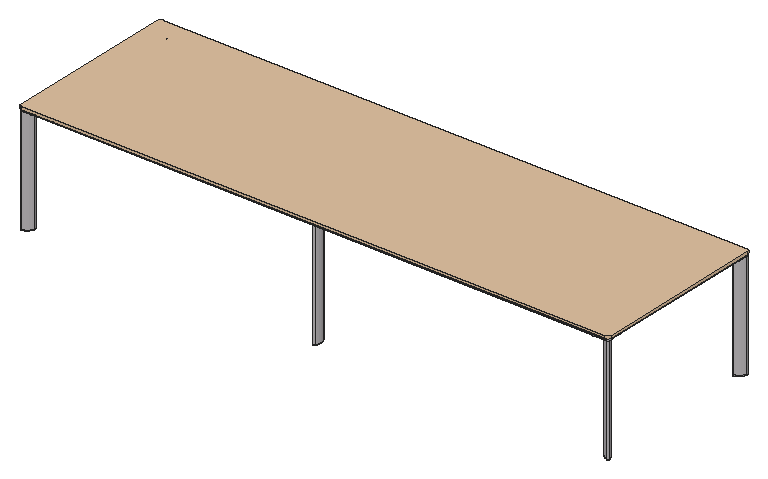
Revit family "FU_Table_Sandler_Laminar 1240", category Furniture, Revit 2020
Family settings
  OmniClass Number = 23.40.20.00
  OmniClass Title = General Furniture and Specialties
  Work Plane-Based = No
  Always vertical = Yes
  Cut with Voids When Loaded = No
  Shared = No
  Room Calculation Point = No
Parameters (values of type "Laminar 1240 (Dining Height)")
  Width = 4000 mm
  URL = "https://www.sandlerseating.com/product/laminar-1240/"
  Top [instance] = Wood - Oak - Natural - V
  Model = "Laminar 1240"
  Manufacturer = "Sandler"
  Height = 750 mm
  Frame [instance] = Epoxy - M2_G42
  Description = "400cm x 120cm / 158″ x 48″ table on epoxy painted frame."
  Depth = 1200 mm
  Default Elevation = 0 mm
Types (4, lengths in mm): name | Top | Height | Frame
  (no name) | Wood - Oak - Natural - V | 750 | Epoxy - M2_G42
  Laminar 1240 (Dining Height) | Wood - Oak - Natural - V | 750 | Epoxy - M2_G42
  Laminar 1240 (Counter Height) | Lacquer - W2 - G42 | 900 | Epoxy - M2 - Rust Grey
  Laminar 1240 (Bar Height) | HPL - Solid - White | 1050 | Epoxy - M1_Aluminum
Reference planes
  plane 1 "Center (Front/Back)": y = 0
  plane 2: z = 0
  plane 3 "Center (Left/Right)": x = 0
  plane 4 "Right": x = -2000
  plane 5 "Left": x = 2000
  plane 6 "Back": y = 600
  plane 7 "Front": y = -600
  plane 8 "Height": z = 750
  plane 9 "Top Frame Base": z = 737
  plane 10 "Frame Edge Right TOP": x = -1905
  plane 11 "Frame Edge Left TOP": x = 1905
  plane 12 "Frame Edge Front TOP": y = -505
  plane 13 "Frame Edge Back TOP": y = 505
  plane 14 "Right Leg C TOP": x = -1962.984
  plane 15 "Back Leg C TOP": y = 562.984
  plane 16 "Front Leg C TOP": y = -562.984
  plane 17 "Left C TOP": x = 1962.984
  plane 18 "Glide Height": z = 6
  plane 19 "Frame Base FRONT": z = 696.108
  plane 20 "Cross Support Front TOP": y = -542.984
  plane 21 "Cross Support Back TOP": y = 542.984
Forms (mm)
  Extrusion 1, solid, material "Wood - Oak - Natural - V" <- "Top"
    sketch origin (0, 0, 750) x (-1, 0, 0) y (0, -1, 0)
      loop
        arc (1975, -600) -> (1992.678, -592.678) -> (2000, -575) r 25
        line (2000, -575) -> (2000, 575)
        arc (2000, 575) -> (1992.678, 592.678) -> (1975, 600) r 25
        line (1975, 600) -> (-1975, 600)
        arc (-1975, 600) -> (-1992.678, 592.678) -> (-2000, 575) r 25
        line (-2000, 575) -> (-2000, -575)
        arc (-2000, -575) -> (-1992.678, -592.678) -> (-1975, -600) r 25
        line (-1975, -600) -> (1975, -600)
    from 0 to -13
  Sweep 2, solid, material "Epoxy - M2_G42" <- "Frame"
    path origin (0, 0, 737) x (-1, 0, 0) y (0, -1, 0)
      loop
        line (-1905, 600) -> (1905, 600)
    profile "Pro_Laminar_Frame : Pro_Laminar_Frame" origin (0, -600, 737) x (0, -1, 0) y (0, 0, 1)
      loop
        arc (-78.25, 0) -> (-78.959, -0.294) -> (-79.252, -1.003) r 1.003
        line (-79.252, -1.003) -> (-79.252, -40.038)
        arc (-79.252, -40.038) -> (-78.971, -40.718) -> (-78.29, -41) r 0.962
        line (-78.29, -41) -> (-56.47, -41)
        arc (-56.47, -41) -> (-49.536, -40.019) -> (-43.146, -37.154) r 25
        line (-43.146, -37.154) -> (-3.835, -12.393)
        arc (-3.835, -12.393) -> (-2.123, -10.579) -> (-1.5, -8.162) r 5
        line (-1.5, -8.162) -> (-1.5, -0.534)
        arc (-1.5, -0.534) -> (-1.656, -0.156) -> (-2.034, 0) r 0.534
        line (-2.034, 0) -> (-78.25, 0)
  Sweep 3, solid, material "Epoxy - M2_G42" <- "Frame"
    path origin (0, 0, 737) x (-1, 0, 0) y (0, -1, 0)
      loop
        line (2000, 505) -> (2000, -505)
    profile "Pro_Laminar_Frame : Pro_Laminar_Frame" origin (-2000, 0, 737) x (-1, 0, 0) y (0, 0, 1)
      loop
        arc (-78.25, 0) -> (-78.959, -0.294) -> (-79.252, -1.003) r 1.003
        line (-79.252, -1.003) -> (-79.252, -40.038)
        arc (-79.252, -40.038) -> (-78.971, -40.718) -> (-78.29, -41) r 0.962
        line (-78.29, -41) -> (-56.47, -41)
        arc (-56.47, -41) -> (-49.536, -40.019) -> (-43.146, -37.154) r 25
        line (-43.146, -37.154) -> (-3.835, -12.393)
        arc (-3.835, -12.393) -> (-2.123, -10.579) -> (-1.5, -8.162) r 5
        line (-1.5, -8.162) -> (-1.5, -0.534)
        arc (-1.5, -0.534) -> (-1.656, -0.156) -> (-2.034, 0) r 0.534
        line (-2.034, 0) -> (-78.25, 0)
  Sweep 4, solid, material "Epoxy - M2_G42" <- "Frame"
    path origin (0, 0, 737) x (-1, 0, 0) y (0, -1, 0)
      loop
        line (1905, -600) -> (-1905, -600)
    profile "Pro_Laminar_Frame : Pro_Laminar_Frame" origin (0, 600, 737) x (0, 1, 0) y (0, 0, 1)
      loop
        arc (-78.25, 0) -> (-78.959, -0.294) -> (-79.252, -1.003) r 1.003
        line (-79.252, -1.003) -> (-79.252, -40.038)
        arc (-79.252, -40.038) -> (-78.971, -40.718) -> (-78.29, -41) r 0.962
        line (-78.29, -41) -> (-56.47, -41)
        arc (-56.47, -41) -> (-49.536, -40.019) -> (-43.146, -37.154) r 25
        line (-43.146, -37.154) -> (-3.835, -12.393)
        arc (-3.835, -12.393) -> (-2.123, -10.579) -> (-1.5, -8.162) r 5
        line (-1.5, -8.162) -> (-1.5, -0.534)
        arc (-1.5, -0.534) -> (-1.656, -0.156) -> (-2.034, 0) r 0.534
        line (-2.034, 0) -> (-78.25, 0)
  Sweep 5, solid, material "Epoxy - M2_G42" <- "Frame"
    path origin (0, 0, 737) x (-1, 0, 0) y (0, -1, 0)
      loop
        line (-2000, 505) -> (-2000, -505)
    profile "Pro_Laminar_Frame : Pro_Laminar_Frame" origin (2000, 0, 737) x (-1, 0, 0) y (0, 0, 1)
      loop
        line (78.25, 0) -> (2.034, 0)
        arc (2.034, 0) -> (1.656, -0.156) -> (1.5, -0.534) r 0.534
        line (1.5, -0.534) -> (1.5, -8.162)
        arc (1.5, -8.162) -> (2.123, -10.579) -> (3.835, -12.393) r 5
        line (3.835, -12.393) -> (43.146, -37.154)
        arc (43.146, -37.154) -> (49.536, -40.019) -> (56.47, -41) r 25
        line (56.47, -41) -> (78.29, -41)
        arc (78.29, -41) -> (78.971, -40.718) -> (79.252, -40.038) r 0.962
        line (79.252, -40.038) -> (79.252, -1.003)
        arc (79.252, -1.003) -> (78.959, -0.294) -> (78.25, 0) r 1.003
  Sweep 6, solid, material "Epoxy - M2_G42" <- "Frame"
    path origin (0, 562.984, 0) x (1, 0, 0) y (0, 0, 1)
      loop
        line (-1962.984, 6) -> (-1962.984, 737)
    profile "Pro_Laminar_Leg : Pro_Laminar_Leg" origin (-1962.984, 562.984, 371.5) x (-1, 0, 0) y (0, -1, 0)
      loop
        arc (-16.792, 30.86) -> (-28.302, 28.302) -> (-30.86, 16.792) r 10.982
        arc (-30.86, 16.792) -> (-12.33, -12.33) -> (16.792, -30.86) r 79.547
        arc (16.792, -30.86) -> (28.302, -28.302) -> (30.86, -16.792) r 10.982
        arc (30.86, -16.792) -> (12.33, 12.33) -> (-16.792, 30.86) r 79.547
  Sweep 7, solid, material "Epoxy - M2_G42" <- "Frame"
    path origin (0, -562.984, 0) x (1, 0, 0) y (0, 0, 1)
      loop
        line (-1962.984, 6) -> (-1962.984, 737)
    profile "Pro_Laminar_Leg : Pro_Laminar_Leg" origin (-1962.984, -562.984, 371.5) x (-1, 0, 0) y (0, -1, 0)
      loop
        arc (-30.86, -16.792) -> (-28.302, -28.302) -> (-16.792, -30.86) r 10.982
        arc (-16.792, -30.86) -> (12.33, -12.33) -> (30.86, 16.792) r 79.547
        arc (30.86, 16.792) -> (28.302, 28.302) -> (16.792, 30.86) r 10.982
        arc (16.792, 30.86) -> (-12.33, 12.33) -> (-30.86, -16.792) r 79.547
  Sweep 8, solid, material "Epoxy - M2_G42" <- "Frame"
    path origin (0, -562.984, 0) x (1, 0, 0) y (0, 0, 1)
      loop
        line (1962.984, 6) -> (1962.984, 737)
    profile "Pro_Laminar_Leg : Pro_Laminar_Leg" origin (1962.984, -562.984, 371.5) x (-1, 0, 0) y (0, -1, 0)
      loop
        arc (-16.792, 30.86) -> (-28.302, 28.302) -> (-30.86, 16.792) r 10.982
        arc (-30.86, 16.792) -> (-12.33, -12.33) -> (16.792, -30.86) r 79.547
        arc (16.792, -30.86) -> (28.302, -28.302) -> (30.86, -16.792) r 10.982
        arc (30.86, -16.792) -> (12.33, 12.33) -> (-16.792, 30.86) r 79.547
  Sweep 9, solid, material "Epoxy - M2_G42" <- "Frame"
    path origin (0, 562.984, 0) x (1, 0, 0) y (0, 0, 1)
      loop
        line (1962.984, 6) -> (1962.984, 737)
    profile "Pro_Laminar_Leg : Pro_Laminar_Leg" origin (1962.984, 562.984, 371.5) x (-1, 0, 0) y (0, -1, 0)
      loop
        arc (-30.86, -16.792) -> (-28.302, -28.302) -> (-16.792, -30.86) r 10.982
        arc (-16.792, -30.86) -> (12.33, -12.33) -> (30.86, 16.792) r 79.547
        arc (30.86, 16.792) -> (28.302, 28.302) -> (16.792, 30.86) r 10.982
        arc (16.792, 30.86) -> (-12.33, 12.33) -> (-30.86, -16.792) r 79.547
  Sweep 10, solid, material "Rubber, Black"
    path origin (0, 562.984, 0) x (1, 0, 0) y (0, 0, 1)
      loop
        line (1962.984, 0) -> (1962.984, 6)
    profile "Pro_Laminar_Leg : Pro_Laminar_Leg" origin (1962.984, 562.984, 3) x (-1, 0, 0) y (0, -1, 0)
      loop
        arc (-30.86, -16.792) -> (-28.302, -28.302) -> (-16.792, -30.86) r 10.982
        arc (-16.792, -30.86) -> (12.33, -12.33) -> (30.86, 16.792) r 79.547
        arc (30.86, 16.792) -> (28.302, 28.302) -> (16.792, 30.86) r 10.982
        arc (16.792, 30.86) -> (-12.33, 12.33) -> (-30.86, -16.792) r 79.547
  Sweep 11, solid, material "Rubber, Black"
    path origin (0, 562.984, 0) x (1, 0, 0) y (0, 0, 1)
      loop
        line (-1962.984, 0) -> (-1962.984, 6)
    profile "Pro_Laminar_Leg : Pro_Laminar_Leg" origin (-1962.984, 562.984, 3) x (-1, 0, 0) y (0, -1, 0)
      loop
        arc (-16.792, 30.86) -> (-28.302, 28.302) -> (-30.86, 16.792) r 10.982
        arc (-30.86, 16.792) -> (-12.33, -12.33) -> (16.792, -30.86) r 79.547
        arc (16.792, -30.86) -> (28.302, -28.302) -> (30.86, -16.792) r 10.982
        arc (30.86, -16.792) -> (12.33, 12.33) -> (-16.792, 30.86) r 79.547
  Sweep 12, solid, material "Rubber, Black"
    path origin (0, -562.984, 0) x (1, 0, 0) y (0, 0, 1)
      loop
        line (-1962.984, 0) -> (-1962.984, 6)
    profile "Pro_Laminar_Leg : Pro_Laminar_Leg" origin (-1962.984, -562.984, 3) x (-1, 0, 0) y (0, -1, 0)
      loop
        arc (-30.86, -16.792) -> (-28.302, -28.302) -> (-16.792, -30.86) r 10.982
        arc (-16.792, -30.86) -> (12.33, -12.33) -> (30.86, 16.792) r 79.547
        arc (30.86, 16.792) -> (28.302, 28.302) -> (16.792, 30.86) r 10.982
        arc (16.792, 30.86) -> (-12.33, 12.33) -> (-30.86, -16.792) r 79.547
  Sweep 13, solid, material "Rubber, Black"
    path origin (0, -562.984, 0) x (1, 0, 0) y (0, 0, 1)
      loop
        line (1962.984, 0) -> (1962.984, 6)
    profile "Pro_Laminar_Leg : Pro_Laminar_Leg" origin (1962.984, -562.984, 3) x (-1, 0, 0) y (0, -1, 0)
      loop
        arc (-16.792, 30.86) -> (-28.302, 28.302) -> (-30.86, 16.792) r 10.982
        arc (-30.86, 16.792) -> (-12.33, -12.33) -> (16.792, -30.86) r 79.547
        arc (16.792, -30.86) -> (28.302, -28.302) -> (30.86, -16.792) r 10.982
        arc (30.86, -16.792) -> (12.33, 12.33) -> (-16.792, 30.86) r 79.547
  Sweep 14, solid, material "Epoxy - M2_G42" <- "Frame"
    path origin (0, 0, 737) x (-1, 0, 0) y (0, -1, 0)
      loop
        line (-1905, 598.5) -> (-1998.5, 598.5) -> (-1998.5, 505)
    profile "Pro_Laminar_Frame : Pro_Laminar_Frame" origin (1951.75, -598.5, 737) x (0, 1, 0) y (0, 0, 1)
      loop
        line (76.75, 0) -> (0.534, 0)
        arc (0.534, 0) -> (0.156, -0.156) -> (0, -0.534) r 0.534
        line (0, -0.534) -> (0, -8.162)
        arc (0, -8.162) -> (0.623, -10.579) -> (2.335, -12.393) r 5
        line (2.335, -12.393) -> (41.646, -37.154)
        arc (41.646, -37.154) -> (48.036, -40.019) -> (54.97, -41) r 25
        line (54.97, -41) -> (76.79, -41)
        arc (76.79, -41) -> (77.471, -40.718) -> (77.752, -40.038) r 0.962
        line (77.752, -40.038) -> (77.752, -1.003)
        arc (77.752, -1.003) -> (77.459, -0.294) -> (76.75, 0) r 1.003
  Extrusion 15, void
    sketch origin (0, 0, 737) x (-1, 0, 0) y (0, -1, 0)
      loop
        line (-1974.12, 599.12) -> (-1974.12, 614.12) -> (-2014.12, 614.12) -> (-2014.12, 574.12) -> (-1999.12, 574.12)
        arc (-1999.12, 574.12) -> (-1991.798, 591.798) -> (-1974.12, 599.12) r 25
    from -40.892 to 13
  Sweep 16, solid, material "Epoxy - M2_G42" <- "Frame"
    path origin (0, 0, 737) x (1, 0, 0) y (0, -1, 0)
      loop
        line (-1905, 598.5) -> (-1998.5, 598.5) -> (-1998.5, 505)
    profile "Pro_Laminar_Frame : Pro_Laminar_Frame" origin (-1951.75, -598.5, 737) x (0, -1, 0) y (0, 0, 1)
      loop
        arc (-76.75, 0) -> (-77.459, -0.294) -> (-77.752, -1.003) r 1.003
        line (-77.752, -1.003) -> (-77.752, -40.038)
        arc (-77.752, -40.038) -> (-77.471, -40.718) -> (-76.79, -41) r 0.962
        line (-76.79, -41) -> (-54.97, -41)
        arc (-54.97, -41) -> (-48.036, -40.019) -> (-41.646, -37.154) r 25
        line (-41.646, -37.154) -> (-2.335, -12.393)
        arc (-2.335, -12.393) -> (-0.623, -10.579) -> (0, -8.162) r 5
        line (0, -8.162) -> (0, -0.534)
        arc (0, -0.534) -> (-0.156, -0.156) -> (-0.534, 0) r 0.534
        line (-0.534, 0) -> (-76.75, 0)
  Sweep 17, solid, material "Epoxy - M2_G42" <- "Frame"
    path origin (0, 0, 737) x (1, 0, 0) y (0, 1, 0)
      loop
        line (-1905, 598.5) -> (-1998.5, 598.5) -> (-1998.5, 505)
    profile "Pro_Laminar_Frame : Pro_Laminar_Frame" origin (-1951.75, 598.5, 737) x (0, -1, 0) y (0, 0, 1)
      loop
        line (76.75, 0) -> (0.534, 0)
        arc (0.534, 0) -> (0.156, -0.156) -> (0, -0.534) r 0.534
        line (0, -0.534) -> (0, -8.162)
        arc (0, -8.162) -> (0.623, -10.579) -> (2.335, -12.393) r 5
        line (2.335, -12.393) -> (41.646, -37.154)
        arc (41.646, -37.154) -> (48.036, -40.019) -> (54.97, -41) r 25
        line (54.97, -41) -> (76.79, -41)
        arc (76.79, -41) -> (77.471, -40.718) -> (77.752, -40.038) r 0.962
        line (77.752, -40.038) -> (77.752, -1.003)
        arc (77.752, -1.003) -> (77.459, -0.294) -> (76.75, 0) r 1.003
  Sweep 18, solid, material "Epoxy - M2_G42" <- "Frame"
    path origin (0, 0, 737) x (-1, 0, 0) y (0, 1, 0)
      loop
        line (-1905, 598.5) -> (-1998.5, 598.5) -> (-1998.5, 505)
    profile "Pro_Laminar_Frame : Pro_Laminar_Frame" origin (1951.75, 598.5, 737) x (0, 1, 0) y (0, 0, 1)
      loop
        arc (-76.75, 0) -> (-77.459, -0.294) -> (-77.752, -1.003) r 1.003
        line (-77.752, -1.003) -> (-77.752, -40.038)
        arc (-77.752, -40.038) -> (-77.471, -40.718) -> (-76.79, -41) r 0.962
        line (-76.79, -41) -> (-54.97, -41)
        arc (-54.97, -41) -> (-48.036, -40.019) -> (-41.646, -37.154) r 25
        line (-41.646, -37.154) -> (-2.335, -12.393)
        arc (-2.335, -12.393) -> (-0.623, -10.579) -> (0, -8.162) r 5
        line (0, -8.162) -> (0, -0.534)
        arc (0, -0.534) -> (-0.156, -0.156) -> (-0.534, 0) r 0.534
        line (-0.534, 0) -> (-76.75, 0)
  Extrusion 19, void
    sketch origin (0, 0, 737) x (1, 0, 0) y (0, 1, 0)
      loop
        arc (-1974.12, -599.12) -> (-1991.798, -591.798) -> (-1999.12, -574.12) r 25
        line (-1999.12, -574.12) -> (-2014.12, -574.12) -> (-2014.12, -614.12) -> (-1974.12, -614.12) -> (-1974.12, -599.12)
    from -40.892 to 13
  Extrusion 20, void
    sketch origin (0, 0, 737) x (1, 0, 0) y (0, 1, 0)
      loop
        line (-1974.12, 599.12) -> (-1974.12, 614.12) -> (-2014.12, 614.12) -> (-2014.12, 574.12) -> (-1999.12, 574.12)
        arc (-1999.12, 574.12) -> (-1991.798, 591.798) -> (-1974.12, 599.12) r 25
    from -40.892 to 13
  Extrusion 21, void
    sketch origin (0, 0, 737) x (-1, 0, 0) y (0, -1, 0)
      loop
        arc (-1974.12, -599.12) -> (-1991.798, -591.798) -> (-1999.12, -574.12) r 25
        line (-1999.12, -574.12) -> (-2014.12, -574.12) -> (-2014.12, -614.12) -> (-1974.12, -614.12) -> (-1974.12, -599.12)
    from -40.892 to 13
  Sweep 22, solid, material "Epoxy - M2_G42" <- "Frame"
    path origin (0, -562.984, 0) x (1, 0, 0) y (0, 0, 1)
      loop
        line (0, 6) -> (0, 737)
    profile "Pro_Laminar_Leg : Pro_Laminar_Leg" origin (0, -562.984, 371.5) x (-1, 0, 0) y (0, -1, 0)
      loop
        arc (-9.948, -38.695) -> (0, -45.025) -> (9.948, -38.695) r 10.982
        arc (9.948, -38.695) -> (17.437, -5) -> (9.948, 28.695) r 79.547
        arc (9.948, 28.695) -> (0, 35.025) -> (-9.948, 28.695) r 10.982
        arc (-9.948, 28.695) -> (-17.437, -5) -> (-9.948, -38.695) r 79.547
  Sweep 23, solid, material "Rubber, Black"
    path origin (0, -562.984, 0) x (1, 0, 0) y (0, 0, 1)
      loop
        line (0, 0) -> (0, 6)
    profile "Pro_Laminar_Leg : Pro_Laminar_Leg" origin (0, -562.984, 3) x (-1, 0, 0) y (0, -1, 0)
      loop
        arc (-9.948, -38.695) -> (0, -45.025) -> (9.948, -38.695) r 10.982
        arc (9.948, -38.695) -> (17.437, -5) -> (9.948, 28.695) r 79.547
        arc (9.948, 28.695) -> (0, 35.025) -> (-9.948, 28.695) r 10.982
        arc (-9.948, 28.695) -> (-17.437, -5) -> (-9.948, -38.695) r 79.547
  Sweep 24, solid, material "Rubber, Black"
    path origin (0, 562.984, 0) x (1, 0, 0) y (0, 0, 1)
      loop
        line (0, 0) -> (0, 6)
    profile "Pro_Laminar_Leg : Pro_Laminar_Leg" origin (0, 562.984, 3) x (-1, 0, 0) y (0, -1, 0)
      loop
        arc (-9.948, -28.695) -> (0, -35.025) -> (9.948, -28.695) r 10.982
        arc (9.948, -28.695) -> (17.437, 5) -> (9.948, 38.695) r 79.547
        arc (9.948, 38.695) -> (0, 45.025) -> (-9.948, 38.695) r 10.982
        arc (-9.948, 38.695) -> (-17.437, 5) -> (-9.948, -28.695) r 79.547
  Sweep 25, solid, material "Epoxy - M2_G42" <- "Frame"
    path origin (0, 562.984, 0) x (1, 0, 0) y (0, 0, 1)
      loop
        line (0, 6) -> (0, 737)
    profile "Pro_Laminar_Leg : Pro_Laminar_Leg" origin (0, 562.984, 371.5) x (-1, 0, 0) y (0, -1, 0)
      loop
        arc (-9.948, -28.695) -> (0, -35.025) -> (9.948, -28.695) r 10.982
        arc (9.948, -28.695) -> (17.437, 5) -> (9.948, 38.695) r 79.547
        arc (9.948, 38.695) -> (0, 45.025) -> (-9.948, 38.695) r 10.982
        arc (-9.948, 38.695) -> (-17.437, 5) -> (-9.948, -28.695) r 79.547
  Extrusion 26, solid, material "Epoxy - M2_G42" <- "Frame"
    sketch origin (0, 0, 0) x (1, 0, 0) y (0, 0, 1)
      loop
        line (-29.788, 736) -> (-29.788, 722.1) -> (-28.788, 722.1) -> (-28.788, 721.1) -> (-25.288, 721.1) -> (-25.288, 724.1) -> (-28.288, 724.1) -> (-28.288, 726.5) -> (-24.69, 726.5) -> (-17.288, 722.226) -> (-17.288, 709.773) -> (-24.69, 705.5) -> (-28.288, 705.5) -> (-28.288, 707.9) -> (-25.288, 707.9) -> (-25.288, 710.9) -> (-28.788, 710.9) -> (-28.788, 709.9) -> (-29.788, 709.9) -> (-29.788, 697.144)
        arc (-29.788, 697.144) -> (-29.485, 696.412) -> (-28.753, 696.108) r 1.035
        line (-28.753, 696.108) -> (28.753, 696.108)
        arc (28.753, 696.108) -> (29.485, 696.412) -> (29.788, 697.144) r 1.035
        line (29.788, 697.144) -> (29.788, 709.9) -> (28.788, 709.9) -> (28.788, 710.9) -> (25.288, 710.9) -> (25.288, 707.9) -> (28.288, 707.9) -> (28.288, 705.5) -> (24.69, 705.5) -> (17.288, 709.773) -> (17.288, 722.226) -> (24.69, 726.5) -> (28.288, 726.5) -> (28.288, 724.1) -> (25.288, 724.1) -> (25.288, 721.1) -> (28.788, 721.1) -> (28.788, 722.1) -> (29.788, 722.1) -> (29.788, 736)
        arc (29.788, 736) -> (29.495, 736.707) -> (28.788, 737) r 1
        line (28.788, 737) -> (-28.788, 737)
        arc (-28.788, 737) -> (-29.495, 736.707) -> (-29.788, 736) r 1
    from -542.984 to 542.984
Cuts and joins
  Extrusion 20 cuts Sweep 17
  Extrusion 21 cuts Sweep 18
  Extrusion 15 cuts Sweep 14
  Extrusion 19 cuts Sweep 16
Dimensions and locks
  equal spacing: plane 4 "Right", plane 3 "Center (Left/Right)", plane 5 "Left"
  "Width": plane 4 "Right" to plane 5 "Left"
  equal spacing: plane 6 "Back", plane 1 "Center (Front/Back)", plane 7 "Front"
  "Depth": plane 6 "Back" to plane 7 "Front"
  "Height": plane 8 "Height" to level
  locked: plane 8 "Height" to plane 9 "Top Frame Base" at 13
  plane 4 "Right" to plane 14 "Right Leg C TOP" to plane 10 "Frame Edge Right TOP" = 37.016 mm locked, 57.984 mm locked
  plane 12 "Frame Edge Front TOP" to plane 16 "Front Leg C TOP" to plane 7 "Front" = 57.984 mm locked, 37.016 mm locked
  plane 6 "Back" to plane 15 "Back Leg C TOP" to plane 13 "Frame Edge Back TOP" = 37.016 mm locked, 57.984 mm locked
  plane 11 "Frame Edge Left TOP" to plane 17 "Left C TOP" to plane 5 "Left" = 57.984 mm locked, 37.016 mm locked
  locked: plane 18 "Glide Height" to plane 2 at 6
  locked: plane 16 "Front Leg C TOP" to plane 20 "Cross Support Front TOP" at 20
  locked: plane 21 "Cross Support Back TOP" to plane 15 "Back Leg C TOP" at 20
  locked: plane 9 "Top Frame Base" to plane 19 "Frame Base FRONT" at 40.892
  aligned and locked: level to plane 2
  aligned and locked: plane 10 "Frame Edge Right TOP" to Sweep 2 sketch curve
  aligned and locked: plane 11 "Frame Edge Left TOP" to Sweep 2 sketch curve
  aligned and locked: plane 13 "Frame Edge Back TOP" to Sweep 3 sketch curve
  aligned and locked: plane 4 "Right" to Sweep 3 sketch curve
  aligned and locked: plane 10 "Frame Edge Right TOP" to Sweep 4 sketch curve
  aligned and locked: plane 11 "Frame Edge Left TOP" to Sweep 4 sketch curve
  aligned and locked: Sweep 5 sketch curve to plane 13 "Frame Edge Back TOP"
  aligned and locked: plane 12 "Frame Edge Front TOP" to Sweep 5 sketch curve
  aligned and locked: Extrusion 1 sketch curve to plane 4 "Right"
  aligned and locked: Extrusion 1 sketch curve to plane 6 "Back"
  aligned and locked: Extrusion 1 sketch curve to plane 7 "Front"
  aligned and locked: plane 5 "Left" to Extrusion 1 sketch curve
  aligned and locked: plane 9 "Top Frame Base" to Sweep 6 sketch curve
  aligned and locked: Sweep 6 sketch curve to plane 18 "Glide Height"
  aligned and locked: plane 9 "Top Frame Base" to Sweep 7 sketch curve
  aligned and locked: Sweep 7 sketch curve to plane 18 "Glide Height"
  aligned and locked: Sweep 8 sketch curve to plane 9 "Top Frame Base"
  aligned and locked: plane 18 "Glide Height" to Sweep 8 sketch curve
  aligned and locked: Sweep 9 sketch curve to plane 9 "Top Frame Base"
  aligned and locked: plane 18 "Glide Height" to Sweep 9 sketch curve
  aligned and locked: plane 18 "Glide Height" to Sweep 10 sketch curve
  aligned and locked: Sweep 10 sketch curve to plane 2
  aligned and locked: Sweep 11 sketch curve to plane 18 "Glide Height"
  aligned and locked: plane 2 to Sweep 11 sketch curve
  aligned and locked: plane 2 to Sweep 12 sketch curve
  aligned and locked: Sweep 12 sketch curve to plane 18 "Glide Height"
  aligned and locked: Sweep 13 sketch curve to plane 2
  aligned and locked: plane 18 "Glide Height" to Sweep 13 sketch curve
  aligned and locked: Extrusion 15 to plane 19 "Frame Base FRONT"
  aligned and locked: plane 8 "Height" to Extrusion 15
  aligned and locked: Sweep 18 to plane 11 "Frame Edge Left TOP"
  aligned and locked: plane 13 "Frame Edge Back TOP" to Sweep 18
  aligned and locked: Sweep 14 to plane 12 "Frame Edge Front TOP"
  aligned and locked: Sweep 14 to plane 11 "Frame Edge Left TOP"
  aligned and locked: Sweep 16 to plane 10 "Frame Edge Right TOP"
  aligned and locked: plane 12 "Frame Edge Front TOP" to Sweep 16
  aligned and locked: Sweep 17 to plane 13 "Frame Edge Back TOP"
  aligned and locked: Sweep 17 to plane 10 "Frame Edge Right TOP"
  aligned and locked: plane 9 "Top Frame Base" to Sweep 22 sketch curve
  aligned and locked: plane 18 "Glide Height" to Sweep 22 sketch curve
  aligned and locked: plane 18 "Glide Height" to Sweep 23 sketch curve
  aligned and locked: plane 2 to Sweep 23 sketch curve
  aligned and locked: plane 2 to Sweep 24 sketch curve
  aligned and locked: plane 18 "Glide Height" to Sweep 24 sketch curve
  aligned and locked: plane 9 "Top Frame Base" to Sweep 25 sketch curve
  aligned and locked: plane 18 "Glide Height" to Sweep 25 sketch curve
  aligned and locked: Extrusion 26 to plane 20 "Cross Support Front TOP"
  aligned and locked: Extrusion 26 to plane 21 "Cross Support Back TOP"
  aligned and locked: plane 9 "Top Frame Base" to Extrusion 26
  aligned and locked: Extrusion 26 to plane 19 "Frame Base FRONT"
Automatic sketch dimensions
  Extrusion 1 sketch curve to plane 15 "Back Leg C TOP" = 12.016 mm
  Extrusion 1 sketch curve to plane 17 "Left C TOP" = 12.016 mm
  plane 14 "Right Leg C TOP" to Extrusion 1 sketch curve = 12.016 mm  (x2)
  Sweep 2 sketch curve to plane 7 "Front" = 0 mm
  plane 12 "Frame Edge Front TOP" to Sweep 3 sketch curve = 0 mm
  Sweep 4 sketch curve to plane 6 "Back" = 0 mm
  Sweep 5 sketch curve to plane 5 "Left" = 0 mm
  plane 14 "Right Leg C TOP" to Sweep 6 sketch curve = 0 mm
  plane 14 "Right Leg C TOP" to Sweep 7 sketch curve = 0 mm
  plane 17 "Left C TOP" to Sweep 8 sketch curve = 0 mm
  plane 17 "Left C TOP" to Sweep 9 sketch curve = 0 mm
  plane 17 "Left C TOP" to Sweep 10 sketch curve = 0 mm
  plane 14 "Right Leg C TOP" to Sweep 11 sketch curve = 0 mm
  plane 14 "Right Leg C TOP" to Sweep 12 sketch curve = 0 mm
  plane 17 "Left C TOP" to Sweep 13 sketch curve = 0 mm
  plane 12 "Frame Edge Front TOP" to Sweep 14 sketch curve = 0 mm
  Sweep 14 sketch curve to plane 11 "Frame Edge Left TOP" = 0 mm
  plane 5 "Left" to Sweep 14 sketch curve = 1.5 mm
  plane 7 "Front" to Sweep 14 sketch curve = 1.5 mm
  Extrusion 15 sketch curve to plane 5 "Left" = 14.12 mm
  plane 5 "Left" to Extrusion 15 sketch curve = 0.88 mm
  plane 7 "Front" to Extrusion 15 sketch curve = 0.88 mm
  Extrusion 15 sketch curve to plane 17 "Left C TOP" = 11.136 mm
  Extrusion 15 sketch curve to plane 7 "Front" = 14.12 mm
  plane 12 "Frame Edge Front TOP" to Sweep 16 sketch curve = 0 mm
  Sweep 16 sketch curve to plane 10 "Frame Edge Right TOP" = 0 mm
  plane 4 "Right" to Sweep 16 sketch curve = 1.5 mm
  Sweep 16 sketch curve to plane 7 "Front" = 1.5 mm
  Sweep 17 sketch curve to plane 13 "Frame Edge Back TOP" = 0 mm
  Sweep 17 sketch curve to plane 10 "Frame Edge Right TOP" = 0 mm
  Sweep 17 sketch curve to plane 4 "Right" = 1.5 mm
  Sweep 17 sketch curve to plane 6 "Back" = 1.5 mm
  Sweep 18 sketch curve to plane 13 "Frame Edge Back TOP" = 0 mm
  Sweep 18 sketch curve to plane 11 "Frame Edge Left TOP" = 0 mm
  Sweep 18 sketch curve to plane 5 "Left" = 1.5 mm
  plane 6 "Back" to Sweep 18 sketch curve = 1.5 mm
  Extrusion 19 sketch curve to plane 4 "Right" = 14.12 mm
  plane 4 "Right" to Extrusion 19 sketch curve = 0.88 mm
  Extrusion 19 sketch curve to plane 7 "Front" = 0.88 mm
  Extrusion 19 sketch curve to plane 14 "Right Leg C TOP" = 11.136 mm
  plane 7 "Front" to Extrusion 19 sketch curve = 14.12 mm
  plane 4 "Right" to Extrusion 20 sketch curve = 14.12 mm
  Extrusion 20 sketch curve to plane 4 "Right" = 0.88 mm
  Extrusion 20 sketch curve to plane 6 "Back" = 0.88 mm
  plane 14 "Right Leg C TOP" to Extrusion 20 sketch curve = 11.136 mm
  plane 6 "Back" to Extrusion 20 sketch curve = 14.12 mm
  plane 5 "Left" to Extrusion 21 sketch curve = 14.12 mm
  Extrusion 21 sketch curve to plane 5 "Left" = 0.88 mm
  plane 6 "Back" to Extrusion 21 sketch curve = 0.88 mm
  plane 17 "Left C TOP" to Extrusion 21 sketch curve = 11.136 mm
  Extrusion 21 sketch curve to plane 6 "Back" = 14.12 mm
  Sweep 22 sketch curve to plane 3 "Center (Left/Right)" = 0 mm
  Sweep 23 sketch curve to plane 3 "Center (Left/Right)" = 0 mm
  Sweep 24 sketch curve to plane 3 "Center (Left/Right)" = 0 mm
  Sweep 25 sketch curve to plane 3 "Center (Left/Right)" = 0 mm
  Extrusion 26 sketch curve to plane 9 "Top Frame Base" = 1 mm
  Extrusion 26 sketch curve to plane 3 "Center (Left/Right)" = 29.788 mm
  plane 19 "Frame Base FRONT" to Extrusion 26 sketch curve = 1.035 mm  (x2)
  Extrusion 26 sketch curve to Extrusion 26 sketch curve = 0 mm
  Extrusion 26 sketch curve to Extrusion 26 sketch curve = 1 mm  (x7)
  Extrusion 26 sketch curve to Extrusion 26 sketch curve = 0.5 mm  (x5)
  Extrusion 26 sketch curve to Extrusion 26 sketch curve = 3.5 mm
  Extrusion 26 sketch curve to Extrusion 26 sketch curve = 3 mm  (x4)
  plane 19 "Frame Base FRONT" to Extrusion 26 sketch curve = 9.392 mm  (x2)
  Extrusion 26 sketch curve to Extrusion 26 sketch curve = 0.598 mm  (x4)
  Extrusion 26 sketch curve to Extrusion 26 sketch curve = 8 mm
  plane 3 "Center (Left/Right)" to Extrusion 26 sketch curve = 17.288 mm
  Extrusion 26 sketch curve to Extrusion 26 sketch curve = 7.402 mm  (x2)
  Extrusion 26 sketch curve to Extrusion 26 sketch curve = 3.598 mm
  Extrusion 26 sketch curve to Extrusion 26 sketch curve = 0.465 mm
  Extrusion 26 sketch curve to Extrusion 26 sketch curve = 1.035 mm
  Extrusion 26 sketch curve to Extrusion 26 sketch curve = 2.4 mm  (x4)
  Extrusion 26 sketch curve to Extrusion 26 sketch curve = 1.873 mm  (x2)
  Extrusion 26 sketch curve to Extrusion 26 sketch curve = 2 mm  (x3)
  Extrusion 26 sketch curve to Extrusion 26 sketch curve = 10.2 mm  (x2)
  Extrusion 26 sketch curve to Extrusion 26 sketch curve = 1.127 mm  (x2)
